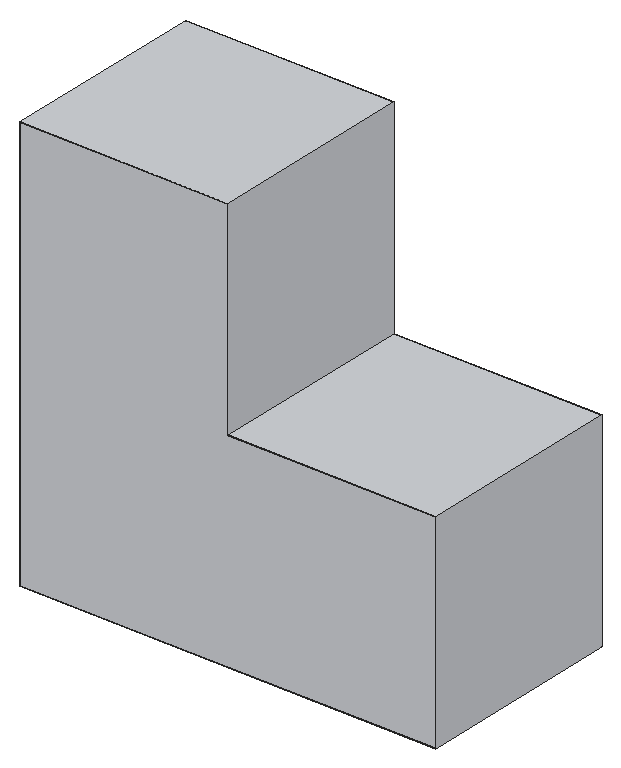
Revit family "FK069-16x16x8-Z", category Furniture Systems, Revit 2019
Family settings
  Round Connector Dimension = Use Diameter
  Part Type = Normal
  Work Plane-Based = No
  Always vertical = Yes
  Cut with Voids When Loaded = No
  Shared = No
  Room Calculation Point = No
Parameters (values of type "Step L-Shape, 16L x 16W x 8H, Zippered")
  URL = "https://fomcore.com/"
  Side Fabric = none
  Model = "FK069-16x16x8-Z"
  Manufacturer = "FOMCORE"
  Description = "Lil Explorer - L-Step"
  Center Fabric = none
Reference planes (in)
  plane 1 "Center F/B": y = 0
  plane 2: z = 0
  plane 3 "Center L/R": x = 0
  plane 4: x = -8
  plane 5: y = 4
  plane 6: y = -4
  plane 7: x = 8
  plane 8: z = 16
  plane 9: z = 8
Forms (in)
  Sweep 1, solid, material <- "Center Fabric"
    path origin (0, 0, 0) x (1, 0, 0) y (0, 0, 1)
      loop
        line (-8, 16) -> (-8, 0) -> (8, 0) -> (8, 8) -> (0, 8) -> (0, 16) -> (-8, 16)
    profile origin (-8, 0, 8) x (0, -1, 0) y (1, 0, 0)
      loop
        line (-4, 0) -> (4, 0) -> (3.82322, 0.17678) -> (-3.82322, 0.17678) -> (-4, 0)
  Blend 2, solid, material <- "Side Fabric"
    base sketch origin (0, 0, 0) x (1, 0, 0) y (0, 0, 1)
      loop
        line (0, 16) -> (-8, 16) -> (-8, 0) -> (8, 0) -> (8, 8) -> (0, 8) -> (0, 16)
    top sketch origin (0, 0, 0) x (1, 0, 0) y (0, 0, 1)
      loop
        line (-7.82322, 15.82322) -> (-7.82322, 0.17678) -> (7.82322, 0.17678) -> (7.82322, 7.82322) -> (-0.17678, 7.82322) -> (-0.17678, 15.82322) -> (-7.82322, 15.82322)
    from -4 to -3.82322
  Blend 3, solid, material <- "Side Fabric"
    base sketch origin (0, 0, 0) x (1, 0, 0) y (0, 0, -1)
      loop
        line (0, -16) -> (0, -8) -> (8, -8) -> (8, 0) -> (-8, 0) -> (-8, -16) -> (0, -16)
    top sketch origin (0, 0, 0) x (1, 0, 0) y (0, 0, -1)
      loop
        line (-7.82322, -15.82322) -> (-0.17678, -15.82322) -> (-0.17678, -7.82322) -> (7.82322, -7.82322) -> (7.82322, -0.17678) -> (-7.82322, -0.17678) -> (-7.82322, -15.82322)
    from -4 to -3.82322
Dimensions and locks (in)
  plane 4 to plane 7 = 1' - 4"
  plane 5 to plane 6 = 0' - 8"
  equal spacing: plane 4, plane 3 "Center L/R", plane 7
  equal spacing: plane 5, plane 1 "Center F/B", plane 6
  plane 9 to level = 0' - 8"
  plane 8 to level = 1' - 4"
  aligned and locked: level to plane 2
Automatic sketch dimensions
  plane 4 to Sweep 1 sketch curve = 0' - 0"
  Sweep 1 sketch curve to plane 3 "Center L/R" = 0' - 0"
  Sweep 1 sketch curve to plane 7 = 0' - 0"
  Sweep 1 sketch curve to level = 0' - 0"
  Sweep 1 sketch curve to plane 9 = 0' - 0"
  Sweep 1 sketch curve to plane 8 = 0' - 0"
  Sweep 1 sketch curve to profile plane = 0' - 0"
  Sweep 1 sketch curve to plane 1 "Center F/B" = 0' - 4"
  Sweep 1 sketch curve to profile plane = 0' - 0.17678"
  Sweep 1 sketch curve to Sweep 1 sketch curve = 0' - 0.17678"  (x2)
  plane 1 "Center F/B" to Sweep 1 sketch curve = 0' - 3.82322"
  plane 4 to Blend 2 sketch curve = 0' - 0"
  Blend 2 sketch curve to plane 3 "Center L/R" = 0' - 0"
  Blend 2 sketch curve to plane 7 = 0' - 0"
  Blend 2 sketch curve to level = 0' - 0"
  Blend 2 sketch curve to plane 9 = 0' - 0"
  Blend 2 sketch curve to plane 8 = 0' - 0"
  Blend 2 sketch curve to plane 4 = 0' - 0.17678"
  Blend 2 sketch curve to plane 3 "Center L/R" = 0' - 0.17678"
  Blend 2 sketch curve to plane 7 = 0' - 0.17678"
  level to Blend 2 sketch curve = 0' - 0.17678"
  plane 9 to Blend 2 sketch curve = 0' - 0.17678"
  plane 8 to Blend 2 sketch curve = 0' - 0.17678"
  plane 4 to Blend 3 sketch curve = 0' - 0"
  Blend 3 sketch curve to plane 3 "Center L/R" = 0' - 0"
  Blend 3 sketch curve to plane 7 = 0' - 0"
  Blend 3 sketch curve to plane 8 = 0' - 0"
  Blend 3 sketch curve to plane 9 = 0' - 0"
  Blend 3 sketch curve to level = 0' - 0"
  Blend 3 sketch curve to plane 4 = 0' - 0.17678"
  Blend 3 sketch curve to plane 3 "Center L/R" = 0' - 0.17678"
  Blend 3 sketch curve to plane 7 = 0' - 0.17678"
  plane 8 to Blend 3 sketch curve = 0' - 0.17678"
  plane 9 to Blend 3 sketch curve = 0' - 0.17678"
  level to Blend 3 sketch curve = 0' - 0.17678"
